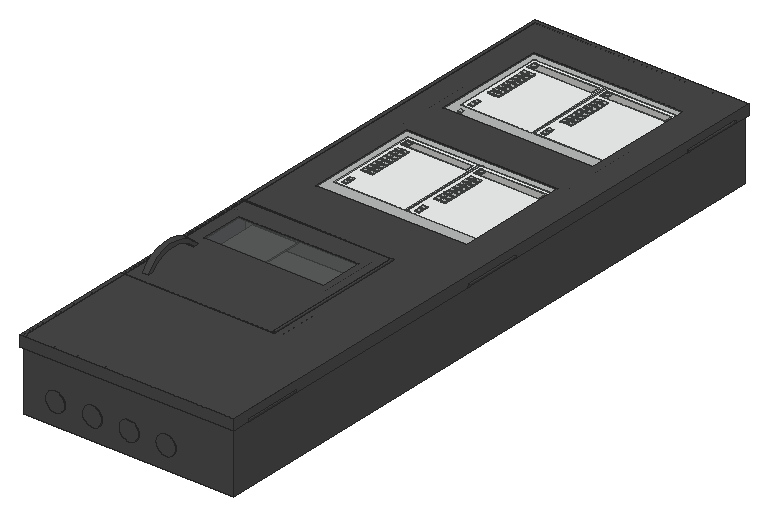
Revit family "Electronics_Communication_Talkaphone_AOR-32-Station-Analog-Command-Unit", category Telephone Devices, host Face, Revit 2020
Family settings
  Host = Face
  Maintain Annotation Orientation = No
  Round Connector Dimension = Use Diameter
  Part Type = Normal
  OmniClass Number = 23.37.27.17
  Cut with Voids When Loaded = No
  Shared = No
  Room Calculation Point = No
Parameters (values of type "32-Station Analog Command Unit")
  _without door [instance] = not(Visible Big Door)  # no
  _small door [instance] = and(Visible Small Door, Visible Big Door)  # yes
  Wiring = "One (1) twisted, shielded pair per station not to exceed 25 ohms resistance"
  Width = 14.50"  # constant formula
  Warranty = "5-year limited warranty"
  Voltage = 120 V  # constant formula
  Visible Small Door [instance] = yes
  Visible Big Door [instance] = yes
  URL = "https://www.talkaphone.com/"
  Supervision Relay = "Activation of Any AOR Station: Contact closure (relay) output; Open/Short Fault on AOR Stations: Contact closure (relay) output; AC Input Power Failure: 24VDC output; Low Battery (Low Voltage Detected): Form C output; and System Ground Fault: Contact closure (relay) output."
  Sound = "Strobe/siren outputs 1 of 8 alerting sounds ranging from 90 to 100 dBA"
  Programming = "Programming of the Analog Command Unit and Analog Stations can be carried out through the built-in phone via touch-tone commands. All programming is stored on non-volatile EEPROMs."
  Product data url = "https://www.bimobject.com/talkaphone/product/aor-32_area-of-rescue-32-station-command-unit"
  Product Material = Talkaphone - Steel - Black
  Product Guid = "b0aa63d3-a5a8-4e51-a462-b72029ba0090"
  Power Source = "120VAC, 1.0 A (max)"
  Power Factor = 1
  Number of Poles = 1
  Mounting = "Surface mount or recess mount with optional trim ring (Model AOR-TR32). Strobe/sounder mounts to standard 4-inch square box."
  Model = "AOR-32"
  Manufacturer = "Talkaphone"  # constant formula
  Lighting = "Strobe is rated at 15 candela, flashes once per second"
  Keynote = "27 30 00"
  Height = 43.60"  # constant formula
  Fault Reset = "Push button switch provided to temporarily silence while faults are corrected or to re-test/reset fault indicators after faults have been resolved"
  Fault Monitoring = "Activation of any AOR Station, opens/shorts on AOR Station cabling, 110VAC input power failure (primary power loss), low battery backup (low voltage detected), and system ground fault"
  Environment = "For indoor use"
  Edition number = 1
  Description = "THIS FULLY INTEGRATED COMMAND UNIT ACCOMMODATES UP TO 32 ADA-COMPLIANT AREA OF RESCUE STATIONS. THE UNIT’S STROBE/SOUNDER INDICATES AN INCOMING CALL, AND LED LIGHTS INDICATE THE CALLING LOCATION."
  Depth = 6.00"  # constant formula
  Default Elevation = 48.00"
  Construction = "16 gauge, painted steel enclosure with polycarbonate windows"
  Connectivity = "Supports one (1) analog phone line (PSTN line) per bank of 8-stations for off-site dialing (total of four (4) PSTN lines)"
  Connection = "Internal terminal block"
  Communication = "Lighted phone with 12-button keypad receives and selectively originates calls"
  Call Station Options = "Indoor Flush Mount Model: AOR-CSE-FM, Indoor Surface Mount Model: AOR-CSE-SM"
  Assembly Code = "D5030300"
  Approvals = "Power Supply Approvals: UL 294 (6th Edition) listed, UL 603 listed, UL 1481 listed, ULC-S318 listed"
  Apparent Load = 0 VA
  AC Input Rating = "115-230VAC, 50-60 Hz, 240W"
Reference planes (in)
  plane 1 "Center (Front/Back)": y = 0
  plane 2: z = 0
  plane 3 "Center (Left/Right)": x = 0
  plane 4: z = 4.56443
Forms (in)
  Extrusion 1, solid, material "Talkaphone - Steel - Black" <- "Product Material", detail levels medium+fine
    sketch origin (10.3875, 3.03501, 0) x (1, 0, 0) y (0, 1, 0)
      loop
        line (-6.12633, 1.01887) -> (-6.12633, -3.0025) -> (-3.325, -3.0025) -> (-3.325, 1.01887) -> (-6.12633, 1.01887)
    from 0.1225 to 3.6625
  Extrusion 2, solid, material "Talkaphone - Steel - Black" <- "Product Material", detail levels medium+fine
    sketch origin (0, 0, 0) x (1, 0, 0) y (0, 1, 0)
      loop
        line (-7.06284, -13.40375) -> (3.2475, -13.40375) -> (3.2475, -2.93375) -> (-7.06284, -2.93375) -> (-7.06284, -2.99375) -> (3.1875, -2.99375) -> (3.1875, -13.34375) -> (-7.06284, -13.34375) -> (-7.06284, -13.40375)
    from 0.0625 to 4.70474
  Extrusion 3, solid, material "Talkaphone - Steel - Black" <- "Product Material", detail levels medium+fine
    sketch origin (0, 0, 0) x (1, 0, 0) y (0, 1, 0)
      loop
        line (-6.215, -13.78875) -> (-6.215, -17.95875) -> (1.535, -17.95875) -> (1.535, -13.78875) -> (-6.215, -13.78875)
    from 0.1225 to 0.375
  Extrusion 4, solid, material "Talkaphone - Steel - Black" <- "Product Material", detail levels fine
    sketch origin (0, 0, 0) x (1, 0, 0) y (0, 1, 0)
      loop
        line (-3.99678, -14.82437) -> (-3.17224, -14.82437) -> (-3.17224, -16.31933) -> (-3.07224, -16.31933) -> (-3.07224, -14.72437) -> (-3.99678, -14.72437) -> (-3.99678, -14.82437)
      loop
        line (-1.83205, -14.65973) -> (-0.53771, -14.65973) -> (-0.53771, -16.89228) -> (-0.43771, -16.89228) -> (-0.43771, -14.55973) -> (-1.83205, -14.55973) -> (-1.83205, -14.65973)
    from 0.375 to 2.482
  Extrusion 5, solid, material "Talkaphone - Steel - Black" <- "Product Material", detail levels medium+fine
    sketch origin (0, 0, 0) x (1, 0, 0) y (0, 1, 0)
      loop
        line (-6.03725, -4.56675) -> (-6.03725, -12.31675) -> (2.71275, -12.31675) -> (2.71275, -4.56675) -> (-6.03725, -4.56675)
    from 0.0625 to 3.87229
  Extrusion 6, solid, material "Talkaphone - Steel - Black" <- "Product Material", detail levels medium+fine
    sketch origin (0, 0, 0) x (1, 0, 0) y (0, 1, 0)
      loop
        line (-3.03725, -3.56675) -> (-6.03725, -3.56675) -> (-6.03725, -12.31675) -> (-3.03725, -12.31675) -> (-3.03725, -3.56675)
    from 3.87229 to 3.93267
  Extrusion 7, solid, material "Talkaphone - Steel - Black" <- "Product Material", detail levels medium+fine
    sketch origin (0, 0, 0) x (1, 0, 0) y (0, 0, 1)
      loop
        line (2.0925, 0.0625) -> (2.0925, 3.6335) -> (-7.0125, 3.6335) -> (-7.0125, 3.571) -> (2.03, 3.571) -> (2.03, 0.0625) -> (2.0925, 0.0625)
    from -19.12875 to 2.88375
  Extrusion 8, void
    sketch origin (0, 0, 0) x (1, 0, 0) y (0, 1, 0)
      loop
        line (-7.125, 14.62125) -> (-7.125, 13.62125) -> (-6.0125, 13.62125)
        arc (-6.0125, 13.62125) -> (-5.5125, 14.12125) -> (-6.0125, 14.62125) r 0.5
        line (-6.0125, 14.62125) -> (-7.125, 14.62125)
      loop
        line (-7.125, 4.62125) -> (-7.125, 3.62125) -> (-6.0125, 3.62125)
        arc (-6.0125, 3.62125) -> (-5.5125, 4.12125) -> (-6.0125, 4.62125) r 0.5
        line (-6.0125, 4.62125) -> (-7.125, 4.62125)
    from 3.17852 to 3.87229
  Extrusion 9, void
    sketch origin (0, 0, 0) x (0, 1, 0) y (0, 0, 1)
      loop
        line (17.76625, 0) -> (17.76625, 1.3125)
        arc (17.76625, 1.3125) -> (17.26625, 1.8125) -> (16.76625, 1.3125) r 0.5
        line (16.76625, 1.3125) -> (16.76625, 0) -> (17.76625, 0)
      loop
        line (5.51478, 0) -> (5.51478, 1.3125)
        arc (5.51478, 1.3125) -> (5.01478, 1.8125) -> (4.51478, 1.3125) r 0.5
        line (4.51478, 1.3125) -> (4.51478, 0) -> (5.51478, 0)
      loop
        line (-2.13375, 0) -> (-2.13375, 0.5875)
        arc (-2.13375, 0.5875) -> (-2.18003, 0.66395) -> (-2.26625, 0.6875) r 0.1205
        line (-2.26625, 0.6875) -> (-2.78375, 0.6875)
        arc (-2.78375, 0.6875) -> (-2.85446, 0.71679) -> (-2.88375, 0.7875) r 0.1
        line (-2.88375, 0.7875) -> (-2.97331, 0.7875) -> (-2.97331, 0) -> (-2.13375, 0)
    from 1.0013 to 2.71275
  Extrusion 10, solid, material "Talkaphone - Steel - Black" <- "Product Material", detail levels fine
    sketch origin (0, 0, 0) x (1, 0, 0) y (0, 1, 0)
      loop
        line (7.0625, 0.51375) -> (4.0275, 0.51375) -> (4.0275, 0.01375) -> (7.0625, 0.01375) -> (7.0625, 0.51375)
    from 0.0625 to 0.1225
  Extrusion 11, solid, material "Talkaphone - Steel - Black" <- "Product Material", detail levels fine
    sketch origin (0, 0, 0) x (1, 0, 0) y (0, 1, 0)
      loop
        line (4.0875, 0.51375) -> (4.0275, 0.51375) -> (4.0275, 0.01375) -> (7.0625, 0.01375) -> (7.0625, 0.07375) -> (4.0875, 0.07375) -> (4.0875, 0.51375)
    from 0.1225 to 3.87229
  Extrusion 12, solid, material "Talkaphone - Steel - Black" <- "Product Material", detail levels fine
    sketch origin (0, -5.91, 0) x (1, 0, 0) y (0, 1, 0)
      loop
        line (7.0625, 0.51375) -> (4.0275, 0.51375) -> (4.0275, 0.01375) -> (7.0625, 0.01375) -> (7.0625, 0.51375)
    from 0.0625 to 0.1225
  Extrusion 13, solid, material "Talkaphone - Steel - Black" <- "Product Material", detail levels fine
    sketch origin (0, -5.91, 0) x (1, 0, 0) y (0, 1, 0)
      loop
        line (4.0875, 0.51375) -> (4.0275, 0.51375) -> (4.0275, 0.01375) -> (7.0625, 0.01375) -> (7.0625, 0.07375) -> (4.0875, 0.07375) -> (4.0875, 0.51375)
    from 0.1225 to 3.87229
  Extrusion 14, solid, material "Talkaphone - Steel - Black" <- "Product Material", detail levels fine
    sketch origin (0, -18.48, 0) x (1, 0, 0) y (0, 1, 0)
      loop
        line (7.0025, 0.51375) -> (4.0275, 0.51375) -> (4.0275, 0.01375) -> (7.0025, 0.01375) -> (7.0025, 0.51375)
    from 0.0625 to 0.1225
  Extrusion 15, solid, material "Talkaphone - Steel - Black" <- "Product Material", detail levels fine
    sketch origin (0, -18.48, 0) x (1, 0, 0) y (0, 1, 0)
      loop
        line (4.0875, 0.51375) -> (4.0275, 0.51375) -> (4.0275, 0.01375) -> (7.0625, 0.01375) -> (7.0625, 0.07375) -> (4.0875, 0.07375) -> (4.0875, 0.51375)
    from 0.1225 to 3.87229
  Extrusion 16, solid, material "Talkaphone - Steel - Black" <- "Product Material", detail levels fine
    sketch origin (0, -12.57, 0) x (1, 0, 0) y (0, 1, 0)
      loop
        line (7.0625, 0.51375) -> (4.0275, 0.51375) -> (4.0275, 0.01375) -> (7.0625, 0.01375) -> (7.0625, 0.51375)
    from 0.0625 to 0.1225
  Extrusion 17, solid, material "Talkaphone - Steel - Black" <- "Product Material", detail levels fine
    sketch origin (0, -12.57, 0) x (1, 0, 0) y (0, 1, 0)
      loop
        line (4.0875, 0.51375) -> (4.0275, 0.51375) -> (4.0275, 0.01375) -> (7.0625, 0.01375) -> (7.0625, 0.07375) -> (4.0875, 0.07375) -> (4.0875, 0.51375)
    from 0.1225 to 3.87229
  Extrusion 18, solid, material "Talkaphone - Steel - Black" <- "Product Material"
    sketch origin (0, 0, 0) x (1, 0, 0) y (0, 1, 0)
      loop
        line (-7.125, -21.62875) -> (7.0625, -21.62875) -> (7.0625, -21.56625) -> (-7.06284, -21.56625) -> (-7.06284, 21.56625) -> (7.0625, 21.56625) -> (7.0625, 21.62875) -> (-7.125, 21.62875) -> (-7.125, -21.62875)
    from 0 to 4.81063
  Extrusion 19, solid, material "Talkaphone - Steel - Black" <- "Product Material"
    sketch origin (0, 0, 0) x (0, 1, 0) y (0, 0, 1)
      loop
        line (21.62875, 4.24034) -> (-21.62875, 4.24034) -> (-21.62875, 0) -> (21.62875, 0) -> (21.62875, 4.24034)
    from 7.0625 to 7.12466
  Extrusion 20, solid, material "Talkaphone - Steel - Black" <- "Product Material"
    sketch origin (0, 0, 0) x (1, 0, 0) y (0, 0, 1)
      loop
        line (6.69575, 4.3025) -> (6.69575, 4.24034) -> (7.12466, 4.24034) -> (7.12466, 4.3025) -> (6.69575, 4.3025)
    from -20.62921 to 20.63013
  Extrusion 21, solid, material "Talkaphone - Steel - Black" <- "Product Material"
    sketch origin (0, 0, 0) x (1, 0, 0) y (0, 1, 0)
      loop
        line (-7.06284, -21.56625) -> (7.0625, -21.56625) -> (7.0625, 21.56625) -> (-7.06284, 21.56625) -> (-7.06284, -21.56625)
    from 0 to 0.0625
  Extrusion 22, solid, material "Talkaphone - Steel - Black" <- "Product Material", detail levels medium+fine
    sketch origin (0, -18.629, -1.95975) x (1, 0, 0) y (0, 0, 1)
      loop
        arc (7.1455, 6.2154) -> (7.29718, 6.15257) -> (7.23435, 6.30425) r 0.08885
        line (7.23435, 6.30425) -> (6.7031, 6.30425) -> (6.7031, 6.26225) -> (7.1455, 6.26225) -> (7.1455, 6.2154)
    from -1.99975 to 2.00025
  Extrusion 23, solid, material "Talkaphone - Steel - Black" <- "Product Material", detail levels medium+fine
    sketch origin (0, 0, 0) x (1, 0, 0) y (0, 0, 1)
      loop
        line (-5.55574, 0.0625) -> (2.03, 0.0625) -> (2.03, 3.571) -> (-7.0125, 3.571) -> (-7.0125, 1.5625) -> (-6.06249, 1.5625)
        arc (-6.06249, 1.5625) -> (-5.68383, 1.39391) -> (-5.55574, 0.9997) r 0.50954
        line (-5.55574, 0.9997) -> (-5.55574, 0.0625)
    from -19.12925 to -19.06675
  Extrusion 24, solid, material "Talkaphone - Steel - Black" <- "Product Material", detail levels medium+fine
    sketch origin (10.3875, -2.83375, 0) x (1, 0, 0) y (0, 1, 0)
      loop
        line (-6.12633, 1.01887) -> (-6.12633, -3.0025) -> (-3.325, -3.0025) -> (-3.325, 1.01887) -> (-6.12633, 1.01887)
    from 0.1225 to 3.6625
  Extrusion 25, solid, material "Talkaphone - Steel - Black" <- "Product Material", detail levels medium+fine
    sketch origin (10.3875, -9.49375, 0) x (1, 0, 0) y (0, 1, 0)
      loop
        line (-6.12633, 1.01887) -> (-6.12633, -3.0025) -> (-3.325, -3.0025) -> (-3.325, 1.01887) -> (-6.12633, 1.01887)
    from 0.1225 to 3.6625
  Extrusion 26, solid, material "Talkaphone - Steel - Black" <- "Product Material", detail levels medium+fine
    sketch origin (10.3875, -15.40375, 0) x (1, 0, 0) y (0, 1, 0)
      loop
        line (-6.12633, 1.01887) -> (-6.12633, -3.0025) -> (-3.325, -3.0025) -> (-3.325, 1.01887) -> (-6.12633, 1.01887)
    from 0.1225 to 3.6625
  Extrusion 27, solid, material "Talkaphone - Steel - Black" <- "Product Material", detail levels medium+fine
    sketch origin (0, 0, 0) x (1, 0, 0) y (0, 0, 1)
      loop
        circle (-5.00109, 1.50206) r 0.65758
      loop
        circle (-2.50152, 1.50206) r 0.65758
      loop
        circle (-0.00183, 1.50206) r 0.65758
      loop
        circle (2.49571, 1.50206) r 0.65758
    from 21.56625 to 21.62875
  Extrusion 28, solid, material "Talkaphone - Steel - Black" <- "Product Material", detail levels medium+fine
    sketch origin (0, 0, 0) x (1, 0, 0) y (0, 0, 1)
      loop
        circle (-1.37296, 1.50206) r 0.65758
      loop
        circle (4.91773, 1.50206) r 0.65758
    from -21.62875 to -21.56625
  Extrusion 29, solid, material "Talkaphone - Steel - Black" <- "Product Material", detail levels medium+fine
    sketch origin (0, 0, 0) x (1, 0, 0) y (0, 1, 0)
      loop
        circle (4.3725, 20.38221) r 0.65758
      loop
        circle (-3.74842, -19.88102) r 0.65758
      loop
        circle (-1.24885, -19.88102) r 0.65758
      loop
        circle (1.25084, -19.88102) r 0.65758
    from 0 to 0.0625
  Extrusion 30, solid, material "Talkaphone - Steel - Black" <- "Product Material", detail levels medium+fine
    sketch origin (0, 0, -1.95975) x (1, 0, 0) y (0, 0, 1)
      loop
        arc (7.1455, 6.2154) -> (7.29718, 6.15257) -> (7.23435, 6.30425) r 0.08885
        line (7.23435, 6.30425) -> (6.7031, 6.30425) -> (6.7031, 6.26225) -> (7.1455, 6.26225) -> (7.1455, 6.2154)
    from -1.99975 to 2.00025
  Extrusion 31, solid, material "Talkaphone - Steel - Black" <- "Product Material", detail levels medium+fine
    sketch origin (0, 18.629, -1.95975) x (1, 0, 0) y (0, 0, 1)
      loop
        arc (7.1455, 6.2154) -> (7.29718, 6.15257) -> (7.23435, 6.30425) r 0.08885
        line (7.23435, 6.30425) -> (6.7031, 6.30425) -> (6.7031, 6.26225) -> (7.1455, 6.26225) -> (7.1455, 6.2154)
    from -1.99975 to 2.00025
  Extrusion 32, solid, material "Talkaphone - Steel - Black" <- "Product Material", visible <- "Visible Big Door"
    sketch origin (0, 0, -1.95972) x (1, 0, 0) y (0, 1, 0)
      loop
        line (7.1875, 21.72875) -> (-7.1875, 21.72875) -> (-7.1875, -3.00875) -> (3.152, -3.00875) -> (3.152, -13.25875) -> (-7.1875, -13.25875) -> (-7.1875, -21.72875) -> (7.1875, -21.72875) -> (7.1875, 21.72875)
      loop
        line (-5.1, 8.30875) -> (-5.1, 0.60875) -> (5.1, 0.60875) -> (5.1, 8.30875) -> (-5.1, 8.30875)
      loop
        line (-5.1, 19.00875) -> (-5.1, 11.30875) -> (5.1, 11.30875) -> (5.1, 19.00875) -> (-5.1, 19.00875)
    from 6.74665 to 6.80915
  Extrusion 33, solid, material "Talkaphone - Plastic - Grey_RAL 9006", visible <- "Visible Big Door", detail levels medium+fine
    sketch origin (-0.0518, 7.62592, 0.66403) x (1, 0, 0) y (0, 0, 1)
      loop
        line (-6.24452, 4.0629) -> (-6.24452, 4.0004) -> (-5.65702, 4.0004) -> (-5.65702, 3.8779) -> (-5.49452, 3.8779) -> (5.66798, 3.8779) -> (5.66798, 4.0004) -> (6.25548, 4.0004) -> (6.25548, 4.0629) -> (5.60548, 4.0629) -> (5.60548, 3.9404) -> (5.50548, 3.9404) -> (-5.48357, 3.9404) -> (-5.59452, 3.9404) -> (-5.59452, 4.0629) -> (-6.24452, 4.0629)
    from -3.28203 to -11.78283
  Extrusion 34, solid, material "Talkaphone - Plastic - Grey_RAL 9006", visible <- "Visible Big Door", detail levels medium+fine
    sketch origin (-0.05164, -3.07328, 0.66403) x (1, 0, 0) y (0, 0, 1)
      loop
        line (-6.24452, 4.0629) -> (-6.24452, 4.0004) -> (-5.65702, 4.0004) -> (-5.65702, 3.8779) -> (-5.49452, 3.8779) -> (5.66798, 3.8779) -> (5.66798, 4.0004) -> (6.25548, 4.0004) -> (6.25548, 4.0629) -> (5.60548, 4.0629) -> (5.60548, 3.9404) -> (5.50548, 3.9404) -> (-5.48357, 3.9404) -> (-5.59452, 3.9404) -> (-5.59452, 4.0629) -> (-6.24452, 4.0629)
    from -3.28203 to -11.78283
  Extrusion 35, solid, material "Talkaphone - Plastic - Clear plastic", visible <- "Visible Big Door"
    sketch origin (0.0166, 0, -1.95972) x (1, 0, 0) y (0, 1, 0)
      loop
        line (-5.70125, 19.50053) -> (-5.70125, 10.75053) -> (5.54875, 10.75053) -> (5.54875, 19.50053) -> (-5.70125, 19.50053)
    from 6.71863 to 6.74696
  Extrusion 36, solid, material "Talkaphone - Plastic - Clear plastic", visible <- "Visible Big Door"
    sketch origin (0.01625, -10.66628, -1.95972) x (1, 0, 0) y (0, 1, 0)
      loop
        line (-5.70125, 19.50053) -> (-5.70125, 10.75053) -> (5.54875, 10.75053) -> (5.54875, 19.50053) -> (-5.70125, 19.50053)
    from 6.71863 to 6.74696
  Extrusion 37, solid, material "Talkaphone - Steel - Black" <- "Product Material", visible <- "Visible Big Door", detail levels medium+fine
    sketch origin (1.76222, -3.90437, 0.59903) x (1, 0, 0) y (0, 0, 1)
      loop
        line (1.76478, 4.1879) -> (1.31948, 4.1879)
        arc (1.31948, 4.1879) -> (1.23364, 4.27345) -> (1.26507, 4.1564) r 0.06275
        line (1.26507, 4.1564) -> (1.76478, 4.1564) -> (1.76478, 4.1879)
    from -0.7784 to 9.24244
  Extrusion 38, solid, material "Talkaphone - Steel - Black" <- "Product Material", visible <- "Visible Big Door", detail levels medium+fine
    sketch origin (1.01895, 0, 11.49003) x (0, 0, -1) y (1, 0, 0)
      loop
        line (6.7031, 6.12655) -> (7.23588, 6.12655) -> (7.23588, 6.16855) -> (6.7031, 6.16855) -> (6.7031, 6.12655)
    from -1.99975 to 2.00025
  Extrusion 39, solid, material "Talkaphone - Steel - Black" <- "Product Material", visible <- "Visible Big Door", detail levels medium+fine
    sketch origin (1.01895, -18.629, 11.49003) x (0, 0, -1) y (1, 0, 0)
      loop
        line (6.7031, 6.12655) -> (7.23588, 6.12655) -> (7.23588, 6.16855) -> (6.7031, 6.16855) -> (6.7031, 6.12655)
    from -1.99975 to 2.00025
  Extrusion 40, solid, material "Talkaphone - Steel - Black" <- "Product Material", visible <- "Visible Big Door", detail levels medium+fine
    sketch origin (1.01895, 18.629, 11.49003) x (0, 0, -1) y (1, 0, 0)
      loop
        line (6.7031, 6.12655) -> (7.23588, 6.12655) -> (7.23588, 6.16855) -> (6.7031, 6.16855) -> (6.7031, 6.12655)
    from -1.99975 to 2.00025
  Extrusion 41, solid, material "Talkaphone - Steel - Black" <- "Product Material", visible <- "_small door", detail levels medium+fine
    sketch origin (1.37015, -3.90416, 0.59903) x (1, 0, 0) y (0, 0, 1)
      loop
        line (1.65714, 4.1564) -> (1.65714, 4.1879) -> (1.15714, 4.1879) -> (1.15714, 4.1564) -> (1.65714, 4.1564)
    from -0.7784 to 9.24244
  Extrusion 42, solid, material "Talkaphone - Steel - Black" <- "Product Material", visible <- "_small door"
    sketch origin (-0.00706, -14.28936, 0.59934) x (1, 0, 0) y (0, 0, 1)
      loop
        line (-7.18015, 3.5379) -> (-7.18015, 4.2504) -> (-7.24265, 4.2504) -> (-7.24265, 3.5379) -> (-7.18015, 3.5379)
    from -11.20582 to -1.10582
  Extrusion 43, solid, material "Talkaphone - Steel - Black" <- "Product Material", visible <- "_small door"
    sketch origin (0.00029, 0.00021, -1.95972) x (1, 0, 0) y (0, 1, 0)
      loop
        line (-7.1875, -3.08375) -> (-7.1875, -13.18375) -> (2.902, -13.18375) -> (2.902, -3.08375) -> (-7.1875, -3.08375)
      loop
        line (-6.20175, -4.58375) -> (-6.20175, -7.58375) -> (1.93625, -7.58375) -> (1.93625, -4.58375) -> (-6.20175, -4.58375)
    from 6.74696 to 6.80946
  Extrusion 44, solid, material "Talkaphone - Plastic - Clear plastic", visible <- "_small door"
    sketch origin (0.00029, 0.00021, -1.93441) x (1, 0, 0) y (0, 1, 0)
      loop
        line (2.37575, -4.02125) -> (-6.87425, -4.02125) -> (-6.87425, -8.14625) -> (2.37575, -8.14625) -> (2.37575, -4.02125)
    from 6.68456 to 6.72165
  Extrusion 45, solid, material "Talkaphone - Steel - Black" <- "Product Material", visible <- "_small door", detail levels medium+fine
    sketch origin (-12.63003, -6.13606, 0.59934) x (0, 1, 0) y (0, 0, 1)
      loop
        line (-6.34465, 4.2504) -> (-5.98824, 4.2504)
        arc (-5.98824, 4.2504) -> (-4.23202, 5.03199) -> (-2.4758, 4.2504) r 2.36389
        line (-2.4758, 4.2504) -> (-2.11939, 4.2504)
        arc (-2.11939, 4.2504) -> (-4.23202, 5.30759) -> (-6.34465, 4.2504) r 2.63948
    from 6.2305 to 6.6184
  Extrusion 46, solid, material "Talkaphone - Steel - Black" <- "Product Material", visible <- "Visible Big Door"
    sketch origin (0, 0, -1.95972) x (1, 0, 0) y (0, 1, 0)
      loop
        line (-7.1875, -21.72875) -> (-7.1875, -13.25875) -> (-7.25, -13.25875) -> (-7.25, -21.79125) -> (7.25, -21.79125) -> (7.25, -21.72875) -> (-7.1875, -21.72875)
      loop
        line (-7.25, 21.79125) -> (-7.25, -3.00875) -> (-7.1875, -3.00875) -> (-7.1875, 21.72875) -> (7.25, 21.72875) -> (7.25, 21.79125) -> (-7.25, 21.79125)
    from 6.09696 to 6.80946
  Extrusion 47, solid, material "Talkaphone - Steel - Black" <- "Product Material", visible <- "Visible Big Door"
    sketch origin (0, 0, -1.95972) x (0, 1, 0) y (0, 0, 1)
      loop
        line (-21.72875, 6.09696) -> (-20.65875, 6.09696) -> (-20.65875, 6.31065) -> (-16.59875, 6.31065) -> (-16.59875, 6.09696) -> (-2.00025, 6.09696) -> (-2.00025, 6.31065) -> (2.03, 6.31065) -> (2.03, 6.09696) -> (16.59875, 6.09696) -> (16.59875, 6.31065) -> (20.65875, 6.31065) -> (20.65875, 6.09696) -> (21.72875, 6.09696) -> (21.72875, 6.80915) -> (-21.72875, 6.80915) -> (-21.72875, 6.09696)
    from 7.1875 to 7.25
  Extrusion 48, void
    sketch origin (-13.44236, -180, 4.56443) x (-1, 0, 0) y (0, -1, 0)
      loop
        line (-8.57784, -198.78875) -> (-8.57784, -192.53875) -> (-13.39034, -192.53875) -> (-13.39034, -198.78875) -> (-8.57784, -198.78875)
      loop
        line (-13.51534, -198.78875) -> (-13.51534, -192.53875) -> (-18.32784, -192.53875) -> (-18.32784, -198.78875) -> (-13.51534, -198.78875)
      loop
        line (-8.57784, -188.08875) -> (-8.57784, -181.83875) -> (-13.39034, -181.83875) -> (-13.39034, -188.08875) -> (-8.57784, -188.08875)
      loop
        line (-13.51534, -188.08875) -> (-13.51534, -181.83875) -> (-18.32784, -181.83875) -> (-18.32784, -188.08875) -> (-13.51534, -188.08875)
    from 0 to 0.06
  Extrusion 49, solid, material "Talkaphone - Plastic - White", detail levels medium
    sketch origin (-13.44236, -180, 4.56443) x (-1, 0, 0) y (0, -1, 0)
      loop
        line (-8.57784, -198.78875) -> (-8.57784, -192.53875) -> (-13.39034, -192.53875) -> (-13.39034, -198.78875) -> (-8.57784, -198.78875)
      loop
        line (-13.51534, -192.53875) -> (-18.32784, -192.53875) -> (-18.32784, -198.78875) -> (-13.51534, -198.78875) -> (-13.51534, -192.53875)
      loop
        line (-8.57784, -181.83875) -> (-13.39034, -181.83875) -> (-13.39034, -188.08875) -> (-8.57784, -188.08875) -> (-8.57784, -181.83875)
      loop
        line (-13.51534, -181.83875) -> (-18.32784, -181.83875) -> (-18.32784, -188.08875) -> (-13.51534, -188.08875) -> (-13.51534, -181.83875)
    from 0 to 0.04
  Extrusion 50, solid, material "Talkaphone - Plastic - White", detail levels fine
    sketch origin (-13.44236, -180, 4.56443) x (-1, 0, 0) y (0, -1, 0)
      loop
        line (-8.57784, -198.78875) -> (-8.57784, -192.53875) -> (-13.39034, -192.53875) -> (-13.39034, -198.78875) -> (-8.57784, -198.78875)
      loop
        line (-13.51534, -198.78875) -> (-13.51534, -192.53875) -> (-18.32784, -192.53875) -> (-18.32784, -198.78875) -> (-13.51534, -198.78875)
      loop
        line (-8.76287, -198.51316) -> (-8.76287, -197.92261) -> (-13.2053, -197.92261) -> (-13.2053, -198.51316) -> (-8.76287, -198.51316)
      loop
        line (-8.89784, -197.52625) -> (-8.89784, -194.42625) -> (-9.20784, -194.42625) -> (-9.20784, -197.52625) -> (-8.89784, -197.52625)
      loop
        line (-9.34784, -197.52625) -> (-9.34784, -194.42625) -> (-9.65784, -194.42625) -> (-9.65784, -197.52625) -> (-9.34784, -197.52625)
      loop
        line (-8.89784, -193.48875) -> (-8.89784, -192.78151) -> (-9.20784, -192.78151) -> (-9.20784, -193.48875) -> (-8.89784, -193.48875)
      loop
        line (-13.70037, -198.51316) -> (-13.70037, -197.92261) -> (-18.1428, -197.92261) -> (-18.1428, -198.51316) -> (-13.70037, -198.51316)
      loop
        line (-13.83534, -197.52625) -> (-13.83534, -194.42625) -> (-14.14534, -194.42625) -> (-14.14534, -197.52625) -> (-13.83534, -197.52625)
      loop
        line (-14.28534, -197.52625) -> (-14.28534, -194.42625) -> (-14.59534, -194.42625) -> (-14.59534, -197.52625) -> (-14.28534, -197.52625)
      loop
        line (-13.83534, -193.48875) -> (-13.83534, -192.78151) -> (-14.14534, -192.78151) -> (-14.14534, -193.48875) -> (-13.83534, -193.48875)
      loop
        line (-8.57784, -188.08875) -> (-8.57784, -181.83875) -> (-13.39034, -181.83875) -> (-13.39034, -188.08875) -> (-8.57784, -188.08875)
      loop
        line (-13.51534, -188.08875) -> (-13.51534, -181.83875) -> (-18.32784, -181.83875) -> (-18.32784, -188.08875) -> (-13.51534, -188.08875)
      loop
        line (-8.76287, -187.81316) -> (-8.76287, -187.22261) -> (-13.2053, -187.22261) -> (-13.2053, -187.81316) -> (-8.76287, -187.81316)
      loop
        line (-8.89784, -186.82625) -> (-8.89784, -183.72625) -> (-9.20784, -183.72625) -> (-9.20784, -186.82625) -> (-8.89784, -186.82625)
      loop
        line (-9.34784, -186.82625) -> (-9.34784, -183.72625) -> (-9.65784, -183.72625) -> (-9.65784, -186.82625) -> (-9.34784, -186.82625)
      loop
        line (-8.89784, -182.78875) -> (-8.89784, -182.08151) -> (-9.20784, -182.08151) -> (-9.20784, -182.78875) -> (-8.89784, -182.78875)
      loop
        line (-13.70037, -187.81316) -> (-13.70037, -187.22261) -> (-18.1428, -187.22261) -> (-18.1428, -187.81316) -> (-13.70037, -187.81316)
      loop
        line (-13.83534, -186.82625) -> (-13.83534, -183.72625) -> (-14.14534, -183.72625) -> (-14.14534, -186.82625) -> (-13.83534, -186.82625)
      loop
        line (-14.28534, -186.82625) -> (-14.28534, -183.72625) -> (-14.59534, -183.72625) -> (-14.59534, -186.82625) -> (-14.28534, -186.82625)
      loop
        line (-13.83534, -182.78875) -> (-13.83534, -182.08151) -> (-14.14534, -182.08151) -> (-14.14534, -182.78875) -> (-13.83534, -182.78875)
    from 0 to 0.04
  Extrusion 51, solid, material "Talkaphone - Plastic - Grey_RAL 9007", detail levels fine
    sketch origin (-13.44236, -180, 4.56443) x (-1, 0, 0) y (0, -1, 0)
      loop
        line (-8.76287, -198.51316) -> (-8.76287, -197.92261) -> (-13.2053, -197.92261) -> (-13.2053, -198.51316) -> (-8.76287, -198.51316)
      loop
        line (-8.89784, -198.36875) -> (-8.89784, -198.06875) -> (-9.20784, -198.06875) -> (-9.20784, -198.36875) -> (-8.89784, -198.36875)
      loop
        line (-13.70037, -198.51316) -> (-13.70037, -197.92261) -> (-18.1428, -197.92261) -> (-18.1428, -198.51316) -> (-13.70037, -198.51316)
      loop
        line (-13.83534, -198.36875) -> (-13.83534, -198.06875) -> (-14.14534, -198.06875) -> (-14.14534, -198.36875) -> (-13.83534, -198.36875)
      loop
        line (-8.76287, -187.81316) -> (-8.76287, -187.22261) -> (-13.2053, -187.22261) -> (-13.2053, -187.81316) -> (-8.76287, -187.81316)
      loop
        line (-8.89784, -187.66875) -> (-8.89784, -187.36875) -> (-9.20784, -187.36875) -> (-9.20784, -187.66875) -> (-8.89784, -187.66875)
      loop
        line (-13.70037, -187.81316) -> (-13.70037, -187.22261) -> (-18.1428, -187.22261) -> (-18.1428, -187.81316) -> (-13.70037, -187.81316)
      loop
        line (-13.83534, -187.66875) -> (-13.83534, -187.36875) -> (-14.14534, -187.36875) -> (-14.14534, -187.66875) -> (-13.83534, -187.66875)
    from 0 to 0.04
  Extrusion 52, solid, material "Talkaphone - Steel - Black", detail levels fine
    sketch origin (-13.44236, -180, 4.56443) x (-1, 0, 0) y (0, -1, 0)
      loop
        line (-8.89784, -198.36875) -> (-8.89784, -198.06875) -> (-9.20784, -198.06875) -> (-9.20784, -198.36875) -> (-8.89784, -198.36875)
      loop
        line (-8.89784, -197.52625) -> (-8.89784, -194.42625) -> (-9.20784, -194.42625) -> (-9.20784, -197.52625) -> (-8.89784, -197.52625)
      loop
        line (-9.34784, -197.52625) -> (-9.34784, -194.42625) -> (-9.65784, -194.42625) -> (-9.65784, -197.52625) -> (-9.34784, -197.52625)
      loop
        line (-8.89784, -192.78151) -> (-9.20784, -192.78151) -> (-9.20784, -193.48875) -> (-8.89784, -193.48875) -> (-8.89784, -192.78151)
      loop
        line (-13.83534, -198.36875) -> (-13.83534, -198.06875) -> (-14.14534, -198.06875) -> (-14.14534, -198.36875) -> (-13.83534, -198.36875)
      loop
        line (-13.83534, -197.52625) -> (-13.83534, -194.42625) -> (-14.14534, -194.42625) -> (-14.14534, -197.52625) -> (-13.83534, -197.52625)
      loop
        line (-14.28534, -197.52625) -> (-14.28534, -194.42625) -> (-14.59534, -194.42625) -> (-14.59534, -197.52625) -> (-14.28534, -197.52625)
      loop
        line (-13.83534, -192.78151) -> (-14.14534, -192.78151) -> (-14.14534, -193.48875) -> (-13.83534, -193.48875) -> (-13.83534, -192.78151)
      loop
        line (-8.89784, -187.66875) -> (-8.89784, -187.36875) -> (-9.20784, -187.36875) -> (-9.20784, -187.66875) -> (-8.89784, -187.66875)
      loop
        line (-8.89784, -186.82625) -> (-8.89784, -183.72625) -> (-9.20784, -183.72625) -> (-9.20784, -186.82625) -> (-8.89784, -186.82625)
      loop
        line (-9.34784, -186.82625) -> (-9.34784, -183.72625) -> (-9.65784, -183.72625) -> (-9.65784, -186.82625) -> (-9.34784, -186.82625)
      loop
        line (-8.89784, -182.08151) -> (-9.20784, -182.08151) -> (-9.20784, -182.78875) -> (-8.89784, -182.78875) -> (-8.89784, -182.08151)
      loop
        line (-13.83534, -187.66875) -> (-13.83534, -187.36875) -> (-14.14534, -187.36875) -> (-14.14534, -187.66875) -> (-13.83534, -187.66875)
      loop
        line (-13.83534, -186.82625) -> (-13.83534, -183.72625) -> (-14.14534, -183.72625) -> (-14.14534, -186.82625) -> (-13.83534, -186.82625)
      loop
        line (-14.28534, -186.82625) -> (-14.28534, -183.72625) -> (-14.59534, -183.72625) -> (-14.59534, -186.82625) -> (-14.28534, -186.82625)
      loop
        line (-13.83534, -182.08151) -> (-14.14534, -182.08151) -> (-14.14534, -182.78875) -> (-13.83534, -182.78875) -> (-13.83534, -182.08151)
    from 0 to 0.04
  Extrusion 53, solid, material "Talkaphone - Plastic - Grey_RAL 9006", detail levels fine
    sketch origin (-13.44236, -180, 4.56443) x (-1, 0, 0) y (0, -1, 0)
      loop
        line (-8.92784, -198.34375) -> (-8.92784, -198.09375) -> (-9.17784, -198.09375) -> (-9.17784, -198.34375) -> (-8.92784, -198.34375)
      loop
        line (-8.92784, -197.50125) -> (-8.92784, -197.25125) -> (-9.17784, -197.25125) -> (-9.17784, -197.50125) -> (-8.92784, -197.50125)
      loop
        line (-8.92784, -197.10125) -> (-8.92784, -196.85125) -> (-9.17784, -196.85125) -> (-9.17784, -197.10125) -> (-8.92784, -197.10125)
      loop
        line (-8.92784, -196.70125) -> (-8.92784, -196.45125) -> (-9.17784, -196.45125) -> (-9.17784, -196.70125) -> (-8.92784, -196.70125)
      loop
        line (-8.92784, -196.30125) -> (-8.92784, -196.05125) -> (-9.17784, -196.05125) -> (-9.17784, -196.30125) -> (-8.92784, -196.30125)
      loop
        line (-8.92784, -195.90125) -> (-8.92784, -195.65125) -> (-9.17784, -195.65125) -> (-9.17784, -195.90125) -> (-8.92784, -195.90125)
      loop
        line (-8.92784, -195.50125) -> (-8.92784, -195.25125) -> (-9.17784, -195.25125) -> (-9.17784, -195.50125) -> (-8.92784, -195.50125)
      loop
        line (-8.92784, -195.10125) -> (-8.92784, -194.85125) -> (-9.17784, -194.85125) -> (-9.17784, -195.10125) -> (-8.92784, -195.10125)
      loop
        line (-8.92784, -194.70125) -> (-8.92784, -194.45125) -> (-9.17784, -194.45125) -> (-9.17784, -194.70125) -> (-8.92784, -194.70125)
      loop
        line (-9.37784, -197.50125) -> (-9.37784, -197.25125) -> (-9.62784, -197.25125) -> (-9.62784, -197.50125) -> (-9.37784, -197.50125)
      loop
        line (-9.37784, -197.10125) -> (-9.37784, -196.85125) -> (-9.62784, -196.85125) -> (-9.62784, -197.10125) -> (-9.37784, -197.10125)
      loop
        line (-9.37784, -196.70125) -> (-9.37784, -196.45125) -> (-9.62784, -196.45125) -> (-9.62784, -196.70125) -> (-9.37784, -196.70125)
      loop
        line (-9.37784, -196.30125) -> (-9.37784, -196.05125) -> (-9.62784, -196.05125) -> (-9.62784, -196.30125) -> (-9.37784, -196.30125)
      loop
        line (-9.37784, -195.90125) -> (-9.37784, -195.65125) -> (-9.62784, -195.65125) -> (-9.62784, -195.90125) -> (-9.37784, -195.90125)
      loop
        line (-9.37784, -195.50125) -> (-9.37784, -195.25125) -> (-9.62784, -195.25125) -> (-9.62784, -195.50125) -> (-9.37784, -195.50125)
      loop
        line (-9.37784, -195.10125) -> (-9.37784, -194.85125) -> (-9.62784, -194.85125) -> (-9.62784, -195.10125) -> (-9.37784, -195.10125)
      loop
        line (-9.37784, -194.70125) -> (-9.37784, -194.45125) -> (-9.62784, -194.45125) -> (-9.62784, -194.70125) -> (-9.37784, -194.70125)
      loop
        line (-8.92784, -193.45875) -> (-8.92784, -193.20875) -> (-9.17784, -193.20875) -> (-9.17784, -193.45875) -> (-8.92784, -193.45875)
      loop
        line (-8.92784, -193.05875) -> (-8.92784, -192.80875) -> (-9.17784, -192.80875) -> (-9.17784, -193.05875) -> (-8.92784, -193.05875)
      loop
        line (-8.92784, -192.10375) -> (-8.92784, -191.86375) -> (-9.17784, -191.86375) -> (-9.17784, -192.10375) -> (-8.92784, -192.10375)
      loop
        line (-13.86534, -198.34375) -> (-13.86534, -198.09375) -> (-14.11534, -198.09375) -> (-14.11534, -198.34375) -> (-13.86534, -198.34375)
      loop
        line (-13.86534, -197.50125) -> (-13.86534, -197.25125) -> (-14.11534, -197.25125) -> (-14.11534, -197.50125) -> (-13.86534, -197.50125)
      loop
        line (-13.86534, -197.10125) -> (-13.86534, -196.85125) -> (-14.11534, -196.85125) -> (-14.11534, -197.10125) -> (-13.86534, -197.10125)
      loop
        line (-13.86534, -196.70125) -> (-13.86534, -196.45125) -> (-14.11534, -196.45125) -> (-14.11534, -196.70125) -> (-13.86534, -196.70125)
      loop
        line (-13.86534, -196.30125) -> (-13.86534, -196.05125) -> (-14.11534, -196.05125) -> (-14.11534, -196.30125) -> (-13.86534, -196.30125)
      loop
        line (-13.86534, -195.90125) -> (-13.86534, -195.65125) -> (-14.11534, -195.65125) -> (-14.11534, -195.90125) -> (-13.86534, -195.90125)
      loop
        line (-13.86534, -195.50125) -> (-13.86534, -195.25125) -> (-14.11534, -195.25125) -> (-14.11534, -195.50125) -> (-13.86534, -195.50125)
      loop
        line (-13.86534, -195.10125) -> (-13.86534, -194.85125) -> (-14.11534, -194.85125) -> (-14.11534, -195.10125) -> (-13.86534, -195.10125)
      loop
        line (-13.86534, -194.70125) -> (-13.86534, -194.45125) -> (-14.11534, -194.45125) -> (-14.11534, -194.70125) -> (-13.86534, -194.70125)
      loop
        line (-14.31534, -197.50125) -> (-14.31534, -197.25125) -> (-14.56534, -197.25125) -> (-14.56534, -197.50125) -> (-14.31534, -197.50125)
      loop
        line (-14.31534, -197.10125) -> (-14.31534, -196.85125) -> (-14.56534, -196.85125) -> (-14.56534, -197.10125) -> (-14.31534, -197.10125)
      loop
        line (-14.31534, -196.70125) -> (-14.31534, -196.45125) -> (-14.56534, -196.45125) -> (-14.56534, -196.70125) -> (-14.31534, -196.70125)
      loop
        line (-14.31534, -196.30125) -> (-14.31534, -196.05125) -> (-14.56534, -196.05125) -> (-14.56534, -196.30125) -> (-14.31534, -196.30125)
      loop
        line (-14.31534, -195.90125) -> (-14.31534, -195.65125) -> (-14.56534, -195.65125) -> (-14.56534, -195.90125) -> (-14.31534, -195.90125)
      loop
        line (-14.31534, -195.50125) -> (-14.31534, -195.25125) -> (-14.56534, -195.25125) -> (-14.56534, -195.50125) -> (-14.31534, -195.50125)
      loop
        line (-14.31534, -195.10125) -> (-14.31534, -194.85125) -> (-14.56534, -194.85125) -> (-14.56534, -195.10125) -> (-14.31534, -195.10125)
      loop
        line (-14.31534, -194.70125) -> (-14.31534, -194.45125) -> (-14.56534, -194.45125) -> (-14.56534, -194.70125) -> (-14.31534, -194.70125)
      loop
        line (-13.86534, -193.45875) -> (-13.86534, -193.20875) -> (-14.11534, -193.20875) -> (-14.11534, -193.45875) -> (-13.86534, -193.45875)
      loop
        line (-13.86534, -193.05875) -> (-13.86534, -192.80875) -> (-14.11534, -192.80875) -> (-14.11534, -193.05875) -> (-13.86534, -193.05875)
      loop
        line (-8.92784, -187.64375) -> (-8.92784, -187.39375) -> (-9.17784, -187.39375) -> (-9.17784, -187.64375) -> (-8.92784, -187.64375)
      loop
        line (-8.92784, -186.80125) -> (-8.92784, -186.55125) -> (-9.17784, -186.55125) -> (-9.17784, -186.80125) -> (-8.92784, -186.80125)
      loop
        line (-8.92784, -186.40125) -> (-8.92784, -186.15125) -> (-9.17784, -186.15125) -> (-9.17784, -186.40125) -> (-8.92784, -186.40125)
      loop
        line (-8.92784, -186.00125) -> (-8.92784, -185.75125) -> (-9.17784, -185.75125) -> (-9.17784, -186.00125) -> (-8.92784, -186.00125)
      loop
        line (-8.92784, -185.60125) -> (-8.92784, -185.35125) -> (-9.17784, -185.35125) -> (-9.17784, -185.60125) -> (-8.92784, -185.60125)
      loop
        line (-8.92784, -185.20125) -> (-8.92784, -184.95125) -> (-9.17784, -184.95125) -> (-9.17784, -185.20125) -> (-8.92784, -185.20125)
      loop
        line (-8.92784, -184.80125) -> (-8.92784, -184.55125) -> (-9.17784, -184.55125) -> (-9.17784, -184.80125) -> (-8.92784, -184.80125)
      loop
        line (-8.92784, -184.40125) -> (-8.92784, -184.15125) -> (-9.17784, -184.15125) -> (-9.17784, -184.40125) -> (-8.92784, -184.40125)
      loop
        line (-8.92784, -184.00125) -> (-8.92784, -183.75125) -> (-9.17784, -183.75125) -> (-9.17784, -184.00125) -> (-8.92784, -184.00125)
      loop
        line (-9.37784, -186.80125) -> (-9.37784, -186.55125) -> (-9.62784, -186.55125) -> (-9.62784, -186.80125) -> (-9.37784, -186.80125)
      loop
        line (-9.37784, -186.40125) -> (-9.37784, -186.15125) -> (-9.62784, -186.15125) -> (-9.62784, -186.40125) -> (-9.37784, -186.40125)
      loop
        line (-9.37784, -186.00125) -> (-9.37784, -185.75125) -> (-9.62784, -185.75125) -> (-9.62784, -186.00125) -> (-9.37784, -186.00125)
      loop
        line (-9.37784, -185.60125) -> (-9.37784, -185.35125) -> (-9.62784, -185.35125) -> (-9.62784, -185.60125) -> (-9.37784, -185.60125)
      loop
        line (-9.37784, -185.20125) -> (-9.37784, -184.95125) -> (-9.62784, -184.95125) -> (-9.62784, -185.20125) -> (-9.37784, -185.20125)
      loop
        line (-9.37784, -184.80125) -> (-9.37784, -184.55125) -> (-9.62784, -184.55125) -> (-9.62784, -184.80125) -> (-9.37784, -184.80125)
      loop
        line (-9.37784, -184.40125) -> (-9.37784, -184.15125) -> (-9.62784, -184.15125) -> (-9.62784, -184.40125) -> (-9.37784, -184.40125)
      loop
        line (-9.37784, -184.00125) -> (-9.37784, -183.75125) -> (-9.62784, -183.75125) -> (-9.62784, -184.00125) -> (-9.37784, -184.00125)
      loop
        line (-8.92784, -182.75875) -> (-8.92784, -182.50875) -> (-9.17784, -182.50875) -> (-9.17784, -182.75875) -> (-8.92784, -182.75875)
      loop
        line (-8.92784, -182.35875) -> (-8.92784, -182.10875) -> (-9.17784, -182.10875) -> (-9.17784, -182.35875) -> (-8.92784, -182.35875)
      loop
        line (-13.86534, -187.64375) -> (-13.86534, -187.39375) -> (-14.11534, -187.39375) -> (-14.11534, -187.64375) -> (-13.86534, -187.64375)
      loop
        line (-13.86534, -186.80125) -> (-13.86534, -186.55125) -> (-14.11534, -186.55125) -> (-14.11534, -186.80125) -> (-13.86534, -186.80125)
      loop
        line (-13.86534, -186.40125) -> (-13.86534, -186.15125) -> (-14.11534, -186.15125) -> (-14.11534, -186.40125) -> (-13.86534, -186.40125)
      loop
        line (-13.86534, -186.00125) -> (-13.86534, -185.75125) -> (-14.11534, -185.75125) -> (-14.11534, -186.00125) -> (-13.86534, -186.00125)
      loop
        line (-13.86534, -185.60125) -> (-13.86534, -185.35125) -> (-14.11534, -185.35125) -> (-14.11534, -185.60125) -> (-13.86534, -185.60125)
      loop
        line (-13.86534, -185.20125) -> (-13.86534, -184.95125) -> (-14.11534, -184.95125) -> (-14.11534, -185.20125) -> (-13.86534, -185.20125)
      loop
        line (-13.86534, -184.80125) -> (-13.86534, -184.55125) -> (-14.11534, -184.55125) -> (-14.11534, -184.80125) -> (-13.86534, -184.80125)
      loop
        line (-13.86534, -184.40125) -> (-13.86534, -184.15125) -> (-14.11534, -184.15125) -> (-14.11534, -184.40125) -> (-13.86534, -184.40125)
      loop
        line (-13.86534, -184.00125) -> (-13.86534, -183.75125) -> (-14.11534, -183.75125) -> (-14.11534, -184.00125) -> (-13.86534, -184.00125)
      loop
        line (-14.31534, -186.80125) -> (-14.31534, -186.55125) -> (-14.56534, -186.55125) -> (-14.56534, -186.80125) -> (-14.31534, -186.80125)
      loop
        line (-14.31534, -186.40125) -> (-14.31534, -186.15125) -> (-14.56534, -186.15125) -> (-14.56534, -186.40125) -> (-14.31534, -186.40125)
      loop
        line (-14.31534, -186.00125) -> (-14.31534, -185.75125) -> (-14.56534, -185.75125) -> (-14.56534, -186.00125) -> (-14.31534, -186.00125)
      loop
        line (-14.31534, -185.60125) -> (-14.31534, -185.35125) -> (-14.56534, -185.35125) -> (-14.56534, -185.60125) -> (-14.31534, -185.60125)
      loop
        line (-14.31534, -185.20125) -> (-14.31534, -184.95125) -> (-14.56534, -184.95125) -> (-14.56534, -185.20125) -> (-14.31534, -185.20125)
      loop
        line (-14.31534, -184.80125) -> (-14.31534, -184.55125) -> (-14.56534, -184.55125) -> (-14.56534, -184.80125) -> (-14.31534, -184.80125)
      loop
        line (-14.31534, -184.40125) -> (-14.31534, -184.15125) -> (-14.56534, -184.15125) -> (-14.56534, -184.40125) -> (-14.31534, -184.40125)
      loop
        line (-14.31534, -184.00125) -> (-14.31534, -183.75125) -> (-14.56534, -183.75125) -> (-14.56534, -184.00125) -> (-14.31534, -184.00125)
      loop
        line (-13.86534, -182.75875) -> (-13.86534, -182.50875) -> (-14.11534, -182.50875) -> (-14.11534, -182.75875) -> (-13.86534, -182.75875)
      loop
        line (-13.86534, -182.35875) -> (-13.86534, -182.10875) -> (-14.11534, -182.10875) -> (-14.11534, -182.35875) -> (-13.86534, -182.35875)
    from 0.04 to 0.08
Cuts and joins
  Extrusion 8, Extrusion 9 cuts Extrusion 7
  joined: Extrusion 7, Extrusion 23
  Extrusion 9 cuts Extrusion 2
  joined: Extrusion 18, Extrusion 19
  joined: Extrusion 32, Extrusion 46, Extrusion 47
  joined: Extrusion 42, Extrusion 43
  Extrusion 48 cuts Extrusion 34
  Extrusion 48 cuts Extrusion 33
Lines and regions (in)
  Masking region 1, visible <- "Visible Big Door"
    outline origin (0, 0, 0) x (1, 0, 0) y (0, 0, 1)
      loop
        line (-7.125, 0) -> (7.12466, 0) -> (7.12466, 4.13724) -> (-7.125, 4.13724) -> (-7.125, 0)
  Masking region 2, visible <- "Visible Big Door"
    outline origin (0, 0, 0) x (1, 0, 0) y (0, 0, 1)
      loop
        line (-7.25, 4.13724) -> (7.25, 4.13724) -> (7.25, 4.84943) -> (-7.25, 4.84943) -> (-7.25, 4.13724)
  Masking region 3, visible <- "_small door", detail levels medium+fine
    outline origin (0, 0, 0) x (1, 0, 0) y (0, 0, 1)
      loop
        line (-6.39953, 4.84974) -> (-6.01163, 4.84974) -> (-6.01163, 5.90692) -> (-6.39953, 5.90692) -> (-6.39953, 4.84974)
  Masking region 4, visible <- "_without door"
    outline origin (0, 0, 0) x (1, 0, 0) y (0, 0, 1)
      loop
        line (-7.125, 0) -> (7.12466, 0) -> (7.12466, 4.3025) -> (7.0625, 4.3025) -> (7.0625, 4.81063) -> (-7.125, 4.81063) -> (-7.125, 0)
  symbolic lines, detail levels fine
    curve 1: arc (4.26014, 0, 1.50206) -> (4.91773, 0, 0.84448) -> (5.57531, 0, 1.50206) r 0.65758
    curve 2: arc (5.57531, 0, 1.50206) -> (4.91773, 0, 2.15965) -> (4.26014, 0, 1.50206) r 0.65758
    curve 3: arc (-2.03054, 0, 1.50206) -> (-1.37296, 0, 0.84448) -> (-0.71537, 0, 1.50206) r 0.65758
    curve 4: arc (-0.71537, 0, 1.50206) -> (-1.37296, 0, 2.15965) -> (-2.03054, 0, 1.50206) r 0.65758
Dimensions and locks (in)
  aligned and locked: plane 2 to host face
  aligned and locked: level to host face
Connectors (in)
  electrical at (-1.66225, -8.44175, 0.0625)
    settings: on Extrusion 5, index 3, voltage 0 V, apparent load 0 VA, apparent load phase1 0 VA, apparent load phase2 0 VA, apparent load phase3 0 VA, power factor 1, load classification "Other", number of poles 1, system type 14, power factor state 1, is connector primary no, connector utility no, sub classification motor no, connector description "Communication Connector"
  electrical at (-0.00017, 0, 0), driven by "Apparent Load", driven by "Apparent Load", driven by "Apparent Load", driven by "Number of Poles", driven by "Voltage", driven by "Power Factor"
    settings: on cut or joined group of Extrusion 18, Extrusion 19, index 4, voltage 120 V, apparent load 0 VA, apparent load phase1 0 VA, apparent load phase2 0 VA, apparent load phase3 0 VA, power factor 1, load classification "Power", number of poles 1, system type 31, power factor state 1, is connector primary yes, connector utility no, sub classification motor no, connector description "Power Connector"
